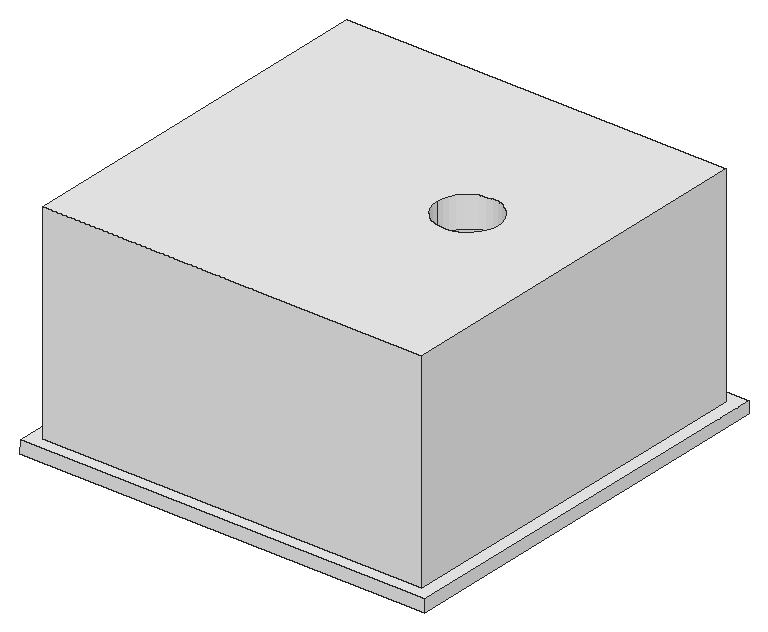
Revit family "LB0200010", category Plumbing Fixtures, Revit 2015
Parameters
  URL = "www.arboles.co.uk"
  Manufacturer = "ARBOLES UK, 01204 388814"
  Description = "Ceramic Larch Sink 330mm x 330mm x 180mm White"
Reference planes
  plane 1 "Center (Front/Back)": y = 0
  plane 2: z = 0
  plane 3 "Center (Left/Right)": x = 0
Forms (mm)
  Extrusion 1, solid
    sketch origin (0, 0, 0) x (1, 0, 0) y (0, 1, 0)
      loop
        line (0, 0) -> (330, 0) -> (330, 330) -> (0, 330) -> (0, 0)
    from 0 to 180
  Extrusion 2, void
    sketch origin (0, 0, 0) x (1, 0, 0) y (0, 1, 0)
      loop
        line (40, 40) -> (290, 40) -> (290, 290) -> (40, 290) -> (40, 40)
    from 0 to 155
  Extrusion 3, void
    sketch origin (0, 0, 0) x (1, 0, 0) y (0, 1, 0)
      loop
        circle (227.429, 172.156) r 25
    from 0 to 200
  Extrusion 4, void
    sketch origin (0, 0, 180) x (0, 1, 0) y (1, 0, 0)
      loop
        line (320, 10) -> (10, 10) -> (10, 320) -> (320, 320) -> (320, 355) -> (-30, 355) -> (-30, -30) -> (320, -30) -> (320, 10)
    from 0 to 170
  Extrusion 5, void
    sketch origin (0, 0, 180) x (0, 1, 0) y (1, 0, 0)
      loop
        line (320, -25) -> (365, -25) -> (365, 355) -> (320, 355) -> (320, -25)
    from 0 to 170
Cuts and joins
  Extrusion 2, Extrusion 3, Extrusion 4, Extrusion 5 cuts Extrusion 1
Lines and regions (mm)
  reference lines
    curve 1: line (320, 10, 180) -> (320, 320, 180)
    curve 2: line (320, 320, 180) -> (10, 320, 180)
    curve 3: line (10, 320, 180) -> (10, 10, 180)
Dimensions and locks
  aligned and locked: level to plane 2
